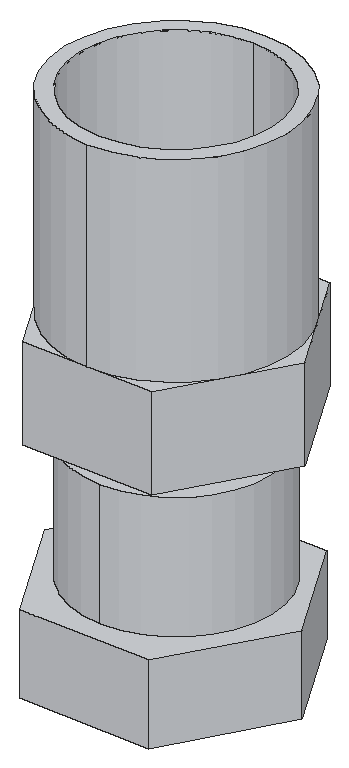
Revit family "PAF25B", category Generic Models, Revit 2017
Family settings
  Can host rebar = No
  Round Connector Dimension = Use Diameter
  Part Type = Normal
  Work Plane-Based = Yes
  Always vertical = No
  Cut with Voids When Loaded = No
  Shared = No
  Room Calculation Point = No
Parameters (values of type "NBS Standard Parameters")
  Weight = "0.0166Kg"
  WarrantyStartDate [instance] = "1900-12-31T23:59:59"
  WarrantyGuarantorParts = "n/a"
  WarrantyGuarantorLabor = "n/a"
  WarrantyDurationUnit = "1 year"
  WarrantyDurationParts = "n/a"
  WarrantyDurationLabor = "n/a"
  WarrantyDescription = "n/a"
  Version = "1"
  Uniclass2 = "Pr_65_70_11_20"
  TagNumber [instance] = "n/a"
  SustainabilityPerformance = "n/a"
  Size = "25mm"
  Shape = "n/a"
  SerialNumber [instance] = "n/a"
  Revision = "n/a"
  ReplacementCost = "n/a"
  ProductInformation = "www.metpro.co.uk/pdf/paf25w.pdf"
  NominalWidth = 28 mm
  NominalLength = 28 mm
  NominalHeight = 45 mm
  Name = ""
  NBSTypeID = ""
  NBSReference = "90-55-10/460"
  NBSOfficeMasterTag = ""
  NBSNote = ""
  NBSDescription = "Conduit Fittings"
  NBSCertification = ""
  ModelReference = "PAF25B"
  ModelNumber = "n/a"
  Material = "PVC"
  ManufacturerURL = "www.metpro.co.uk"
  ManufacturerName = "Metpro Ltd"
  Keynote = "Manufactured to BS4607 Part 1"
  InstallationDate [instance] = "1900-12-31T23:59:59"
  IfcExportType = ""
  IfcExportAs = ""
  Grade = "n/a"
  Finish = "Black"
  Features = "n/a"
  ExpectedLife = "n/a"
  DurationUnit = "year"
  Description = "PAF25B - 25mm Female Adaptor"
  Default Elevation = 1219.2 mm
  Constituents = "n/a"
  Color = "n/a"
  CodePerformance = "n/a"
  Category = "n/a"
  BarCode [instance] = "n/a"
  BIMObjectName = "Metpro_metprolibrary_conduitfittings_PVC component_accessory"
  Author = "Metpro Ltd"
  AssetType = ""
  AssetIdentifier [instance] = "n/a"
  AccessibilityPerformance = "n/a"
Reference planes
  plane 1 "Center (Front/Back)": y = 0
  plane 2: z = 0
  plane 3 "Center (Left/Right)": x = 0
Forms (mm)
  Extrusion 1, solid
    sketch origin (-108.344, -52.013, 71.49) x (1, 0, 0) y (0, 1, 0)
      loop
        circle (14, 8.013) r 14.5
      loop
        circle (14, 8.013) r 12.5
    from 0 to 26
  Extrusion 2, solid
    sketch origin (-108.344, -52.013, 71.49) x (1, 0, 0) y (0, 1, 0)
      loop
        circle (14, 8.013) r 12.5
      loop
        line (5.628, -6.487) -> (22.372, -6.487) -> (30.743, 8.013) -> (22.372, 22.513) -> (5.628, 22.513) -> (-2.743, 8.013) -> (5.628, -6.487)
    from 0 to -12
  Extrusion 3, solid
    sketch origin (-108.344, -52.013, 59.49) x (0, 1, 0) y (1, 0, 0)
      loop
        circle (8.013, 14) r 12.5
      loop
        circle (8.013, 14) r 9.65
    from 26.589 to 47.175
  Extrusion 4, solid
    sketch origin (-108, -52.874, 12.315) x (0, 1, 0) y (-1, 0, 0)
      loop
        circle (8.013, -14) r 9.65
      loop
        line (-6.487, -22.372) -> (8.013, -30.743) -> (22.513, -22.372) -> (22.513, -5.628) -> (8.013, 2.743) -> (-6.487, -5.628) -> (-6.487, -22.372)
    from -36.723 to -26.426
Dimensions and locks
  aligned and locked: level to plane 2
